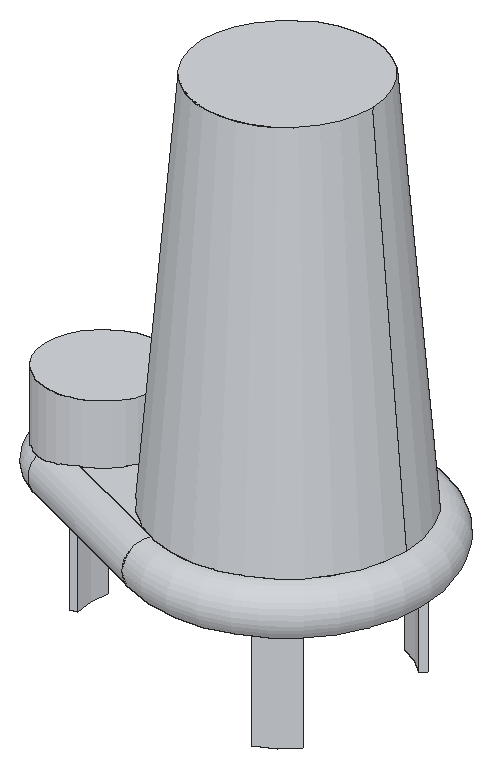
Revit family "M_Bomba de esgoto - Descarga vertical", category Equipamento mecânico, Revit 2019
Family settings
  Cota do conector redondo = Usar raio
  Classificação = Bomba
  Tipo de parte = Normal
  Número OmniClass = 23.60.30.21
  Título OmniClass = Pumps
  ID de item do Seek = Sewage Pump - Vertical Discharge-0000-CAN-ENU
  Com base no plano de trabalho = Não
  Sempre na vertical = Sim
  Corte com vazios quando carregada = Não
  Compartilhado = Não
  Ponto de cálculo do ambiente = Não
Parameters (values of type "6,31 LPS - Head de 30 kPa")
  Voltagem = 115 V
  Material da bomba = none
  Número de pólos = 1
  Classificação de carga = Eletrodoméstico - Unidade de interrupção
  Fluxo [instance] = 6.31 L/s
  Raio nominal da descarga = 25 mm
  Diâmetro nominal da descarga = Raio nominal da descarga * 2  # 50 mm
  Carga aparente = 1330 VA
Types (3, lengths in mm): name | Fluxo
  (no name) | 6.31 L/s
  2.20 LPS - Head de 60 kPa | 2.2 L/s
  6,31 LPS - Head de 30 kPa | 6.31 L/s
Reference planes
  plane 1 "Centro (Frente/Trás)": y = 0
  plane 2: z = 0
  plane 3 "Centro (Esquerda/Direita)": x = 0
  plane 4 "Plano inferior da base": z = 103.188
  plane 5 "Centro da base": z = 127
  plane 6: y = -114.3
  plane 7: y = -130.969
  plane 8: z = 150.812
  plane 9: x = -177.006
  plane 10: x = 114.3
  plane 11: x = 130.969
  plane 12: x = -89.694
  plane 13: z = 520.7
  plane 14: z = 207.963
Forms (mm)
  Sweep 1, solid, material <- "Material da bomba"
    path origin (0, 0, 127) x (0, 1, 0) y (-1, 0, 0)
      loop
        arc (-103.288, 48.949) -> (0, -114.3) -> (103.288, 48.949) r 114.3
        line (103.288, 48.949) -> (34.788, 193.493)
        arc (34.788, 193.493) -> (0, 215.503) -> (-34.788, 193.493) r 38.497
        line (-34.788, 193.493) -> (-103.288, 48.949)
    profile origin (114.3, 0, 127) x (-1, 0, 0) y (0, 0, 1)
      loop
        arc (0, 23.812) -> (-23.813, 0) -> (0, -23.812) r 23.812
        line (0, -23.812) -> (25.4, -23.812) -> (25.4, 23.812) -> (0, 23.812)
  Extrusion 2, solid, material <- "Material da bomba"
    sketch origin (0, 0, 103.188) x (0, 1, 0) y (-1, 0, 0)
      loop
        arc (-103.288, 48.949) -> (0, -114.3) -> (103.288, 48.949) r 114.3
        line (103.288, 48.949) -> (34.788, 193.493)
        arc (34.788, 193.493) -> (0, 215.503) -> (-34.788, 193.493) r 38.497
        line (-34.788, 193.493) -> (-103.288, 48.949)
    from 0 to 47.625
  Blend 3, solid, material <- "Material da bomba"
    base sketch origin (0, 0, 103.188) x (0, 1, 0) y (-1, 0, 0)
      loop
        circle (0, 0) r 114.3
    top sketch origin (0, 0, 103.188) x (0, 1, 0) y (-1, 0, 0)
      loop
        circle (0, 0) r 82.153
    from 47.625 to 417.513
  Extrusion 4, solid, material <- "Material da bomba"
    sketch origin (0, 0, 0) x (1, 0, 0) y (0, 1, 0)
      loop
        arc (-193.495, 19.238) -> (-195.262, 0) -> (-193.495, -19.238) r 105.569
        line (-193.495, -19.238) -> (-187.251, -18.081)
        arc (-187.251, -18.081) -> (-188.912, 0) -> (-187.251, 18.081) r 99.219
        line (-187.251, 18.081) -> (-193.495, 19.238)
    from 0 to 103.188
  Extrusion 5, solid, material <- "Material da bomba"
    sketch origin (0, 0, 0) x (1, 0, 0) y (0, 1, 0)
      loop
        arc (74.648, 74.648) -> (59.795, 87.002) -> (42.939, 96.442) r 105.569
        line (42.939, 96.442) -> (40.356, 90.641)
        arc (40.356, 90.641) -> (56.198, 81.769) -> (70.158, 70.158) r 99.219
        line (70.158, 70.158) -> (74.648, 74.648)
      loop
        line (40.356, -90.641) -> (42.939, -96.442)
        arc (42.939, -96.442) -> (59.795, -87.002) -> (74.648, -74.648) r 105.569
        line (74.648, -74.648) -> (70.158, -70.158)
        arc (70.158, -70.158) -> (56.198, -81.769) -> (40.356, -90.641) r 99.219
    from 0 to 103.188
  Extrusion 6, solid, material <- "Material da bomba"
    sketch origin (0, 0, 0) x (1, 0, 0) y (0, 1, 0)
      loop
        circle (-177.006, 0) r 55.166
    from 127 to 207.963
Cuts and joins
  joined: Extrusion 4, Extrusion 5
  joined: Sweep 1, Extrusion 2, Extrusion 6
Lines and regions (mm)
  reference lines
    curve 1: arc (-193.495, 19.238, 0) -> (-195.262, 0, 0) -> (-193.495, -19.238, 0) r 105.569
    curve 2: line (-89.694, 0, 0) -> (-193.495, 19.238, 0)
    curve 3: line (-89.694, 0, 0) -> (-193.495, -19.238, 0)
    curve 4: arc (-187.251, 18.081, 0) -> (-188.912, 0, 0) -> (-187.251, -18.081, 0) r 99.219
    curve 5: line (0, 0, 0) -> (323.85, 0, 0)
    curve 6: line (0, 0, 0) -> (246.957, 246.957, 0)
    curve 7: line (0, 0, 0) -> (162.715, 365.464, 0)
    curve 8: line (0, 0, 0) -> (282.878, -282.878, 0)
    curve 9: line (0, 0, 0) -> (206.622, -464.081, 0)
    curve 10: arc (74.648, 74.648, 0) -> (59.795, 87.002, 0) -> (42.939, 96.442, 0) r 105.569
    curve 11: arc (42.939, -96.442, 0) -> (59.795, -87.002, 0) -> (74.648, -74.648, 0) r 105.569
    curve 12: arc (70.158, 70.158, 0) -> (56.198, 81.769, 0) -> (40.356, 90.641, 0) r 99.219
    curve 13: arc (40.356, -90.641, 0) -> (56.198, -81.769, 0) -> (70.158, -70.158, 0) r 99.219
Dimensions and locks
  locked: plane 5 "Centro da base" to plane 4 "Plano inferior da base" at 23.812
  locked: plane 1 "Centro (Frente/Trás)" to plane 6 at 114.3
  locked: plane 6 to plane 7 at 16.669
  locked: plane 8 to plane 5 "Centro da base" at 23.812
  locked: plane 9 to plane 3 "Centro (Esquerda/Direita)" at 177.006
  locked: plane 10 to plane 3 "Centro (Esquerda/Direita)" at 114.3
  locked: plane 11 to plane 10 at 16.669
  plane 12 to plane 3 "Centro (Esquerda/Direita)" = 89.694 mm
  locked: plane 13 to plane 8 at 369.888
  locked: plane 14 to plane 2 at 207.962
  locked: plane 4 "Plano inferior da base" to plane 2 at 103.187
  radius of Sweep 1 sketch curve = 114.3 mm
  radius of Sweep 1 sketch curve = 38.497 mm
  radius of Extrusion 2 sketch curve = 114.3 mm
  radius of Extrusion 2 sketch curve = 38.497 mm
  radius of Blend 3 sketch curve = 114.3 mm
  radius of Blend 3 sketch curve = 82.153 mm
  radius of curve 1 = 105.569 mm
  radius of curve 4 = 99.219 mm
  radius of curve 10 = 105.569 mm
  radius of curve 11 = 105.569 mm
  radius of curve 12 = 99.219 mm
  radius of curve 13 = 99.219 mm
  radius of Sweep 1 sketch curve = 23.812 mm
  locked: curve 2 to plane 1 "Centro (Frente/Trás)" (angle 10.50°)
  locked: plane 1 "Centro (Frente/Trás)" to curve 3 (angle 10.50°)
  locked: curve 5 to curve 6 (angle 45.00°)
  locked: curve 6 to curve 7 (angle 21.00°)
  locked: curve 8 to curve 5 (angle 45.00°)
  locked: curve 9 to curve 8 (angle 21.00°)
  aligned and locked: plane 9 to Sweep 1 sketch curve
  aligned and locked: plane 1 "Centro (Frente/Trás)" to Sweep 1 sketch curve  (x2)
  aligned and locked: plane 3 "Centro (Esquerda/Direita)" to Sweep 1 sketch curve
  aligned and locked: plane 3 "Centro (Esquerda/Direita)" to Extrusion 2 sketch curve
  aligned and locked: plane 1 "Centro (Frente/Trás)" to Extrusion 2 sketch curve  (x2)
  aligned and locked: plane 9 to Extrusion 2 sketch curve
  aligned and locked: plane 3 "Centro (Esquerda/Direita)" to Blend 3 sketch curve  (x2)
  aligned and locked: plane 1 "Centro (Frente/Trás)" to Blend 3 sketch curve  (x2)
  aligned and locked: Blend 3 to plane 8
  aligned and locked: plane 13 to Blend 3
  aligned and locked: plane 12 to curve 1
  aligned and locked: plane 1 "Centro (Frente/Trás)" to curve 1
  aligned and locked: plane 12 to curve 2
  aligned and locked: plane 1 "Centro (Frente/Trás)" to curve 2
  aligned and locked: plane 12 to curve 3
  aligned and locked: plane 1 "Centro (Frente/Trás)" to curve 3
  aligned and locked: curve 2 to curve 2
  aligned and locked: curve 2 to curve 4
  aligned and locked: curve 3 to curve 4
  aligned and locked: curve 3 to curve 3
  aligned and locked: curve 3 to Extrusion 4 sketch curve  (x3)
  aligned and locked: Extrusion 4 sketch curve to curve 2
  aligned and locked: curve 2 to Extrusion 4 sketch curve  (x2)
  aligned and locked: plane 4 "Plano inferior da base" to Extrusion 4
  aligned and locked: plane 3 "Centro (Esquerda/Direita)" to curve 5
  aligned and locked: plane 1 "Centro (Frente/Trás)" to curve 5  (x2)
  aligned and locked: plane 3 "Centro (Esquerda/Direita)" to curve 6
  aligned and locked: plane 1 "Centro (Frente/Trás)" to curve 6
  aligned and locked: plane 3 "Centro (Esquerda/Direita)" to curve 7
  aligned and locked: plane 1 "Centro (Frente/Trás)" to curve 7
  aligned and locked: plane 3 "Centro (Esquerda/Direita)" to curve 8
  aligned and locked: plane 1 "Centro (Frente/Trás)" to curve 8
  aligned and locked: plane 3 "Centro (Esquerda/Direita)" to curve 9
  aligned and locked: plane 1 "Centro (Frente/Trás)" to curve 9
  aligned and locked: plane 3 "Centro (Esquerda/Direita)" to curve 10
  aligned and locked: plane 1 "Centro (Frente/Trás)" to curve 10
  aligned and locked: plane 3 "Centro (Esquerda/Direita)" to curve 11
  aligned and locked: plane 1 "Centro (Frente/Trás)" to curve 11
  aligned and locked: curve 7 to curve 10
  aligned and locked: curve 6 to curve 10
  aligned and locked: curve 8 to curve 11
  aligned and locked: curve 9 to curve 11
  aligned and locked: plane 3 "Centro (Esquerda/Direita)" to curve 13
  aligned and locked: plane 3 "Centro (Esquerda/Direita)" to curve 12
  aligned and locked: plane 1 "Centro (Frente/Trás)" to curve 13
  aligned and locked: plane 1 "Centro (Frente/Trás)" to curve 12
  aligned and locked: curve 8 to curve 13
  aligned and locked: curve 9 to curve 13
  aligned and locked: curve 7 to curve 12
  aligned and locked: curve 6 to curve 12
  aligned and locked: Extrusion 5 sketch curve to curve 7
  aligned and locked: Extrusion 5 sketch curve to curve 6
  aligned and locked: curve 6 to Extrusion 5 sketch curve  (x2)
  aligned and locked: curve 7 to Extrusion 5 sketch curve  (x2)
  aligned and locked: curve 8 to Extrusion 5 sketch curve  (x3)
  aligned and locked: Extrusion 5 sketch curve to curve 9
  aligned and locked: curve 9 to Extrusion 5 sketch curve  (x2)
  aligned and locked: plane 4 "Plano inferior da base" to Extrusion 5
  aligned and locked: plane 9 to Extrusion 6 sketch curve
  aligned and locked: plane 1 "Centro (Frente/Trás)" to Extrusion 6 sketch curve
  aligned and locked: plane 14 to Extrusion 6
  aligned and locked: Extrusion 6 to plane 5 "Centro da base"
  aligned and locked: Sweep 1 sketch curve to plane 4 "Plano inferior da base"
  aligned and locked: plane 8 to Sweep 1 sketch curve
  aligned and locked: plane 4 "Plano inferior da base" to cut or joined group of Extrusion 4, Extrusion 5
  aligned and locked: cut or joined group of Extrusion 4, Extrusion 5 to plane 4 "Plano inferior da base"  (x2)
  aligned and locked: cut or joined group of Extrusion 4, Extrusion 5 to plane 2
  aligned and locked: plane 5 "Centro da base" to Sweep 1 sketch curve
  aligned and locked: plane 10 to Sweep 1 sketch curve
Connectors
  electrical at (0, 0, 520.7), driven by "Número de pólos", driven by "Carga aparente", driven by "Voltagem", driven by "Classificação de carga"
    settings: on Blend 3, index 2, voltage 115 V, apparent load 1330 VA, apparent load phase1 0 VA, apparent load phase2 0 VA, apparent load phase3 0 VA, power factor 0.8, load classification "Eletrodoméstico - Unidade de interrupção", number of poles 1, system type 30, power factor state 1, is connector primary yes, connector utility no, sub classification motor no, connector description ""
  piping at (-177.006, 0, 207.963), diameter 50, driven by "Raio nominal da descarga", driven by "Fluxo"
    settings: on cut or joined group of Sweep 1, Extrusion 2, Extrusion 6, index 3, connector inside diameter 50 mm, connector length 0 mm, flow factor 0, pipe flow 6.31 L/s, pressure drop 0.0 Pa, fitting loss kfactor 0, connector angle 0.00°, fixture units 0, engagement length 0 mm, angle of deflection 0.00°, flow configuration 1, flow direction 2, fitting loss method 0, system type 16, joint type 0, gender type 0, connector reference index -1, connector utility 0, adjustable connector no, is connector primary yes, connector description "Saída de água"
